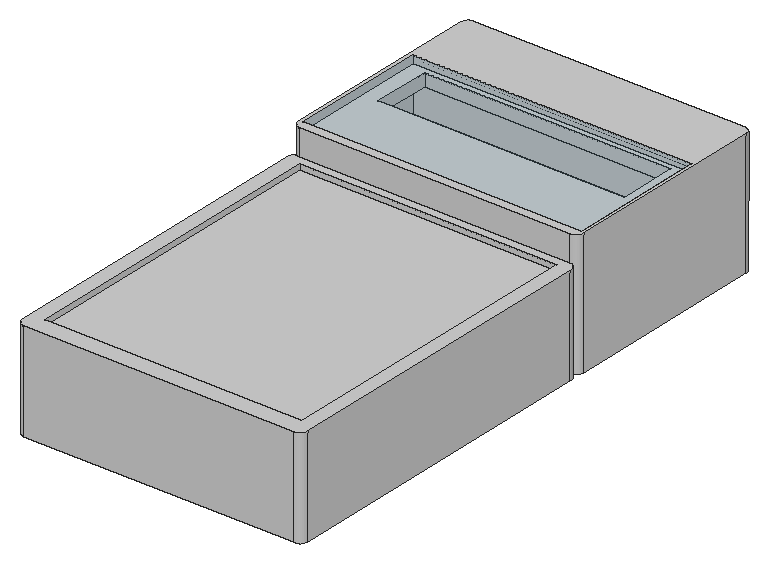
Revit family "Building-IEC309Boards-GEWISS-68QDIN-DISTRIBUTION-BOARD-10MOD_BLANK", category Apparecchi elettrici, host Superficie, Revit 2019
Family settings
  Host = Superficie
  Mantenere orientamento annotazione = Sì
  Quota connettore circolare = Usa diametro
  Tipo di parte = Normale
  Taglio con vuoti quando caricato = No
  Condiviso = No
  Punto di calcolo locali = Sì
Parameters (values of type "GW68002N - Q-DIN 10M COP.435x220x95 BLIND IP65")
  visibilita posizionamento 2d [instance] = yes
  simbolo 2d [instance] = yes
  oggetto in pianta [instance] = not(visibilita posizionamento 2d)  # no
  distanza_simbolo [instance] = 0.1 mm
  bordo acceso [instance] = yes
  Visibilità sportello [instance] = yes
  Version type = "Empty"
  Version file RFA = "21.5"
  VETRO = Vetro
  URL = "https://www.gewiss.com/ww/en"
  Thermo-pressure with ball = "70 °C"
  Technical sheet = "https://www.gewiss.com/ww/en/search?q=GW68002N"
  Spostamento_effettivo_S [instance] = 4000 mm - Spostamento_S  # 3000 mm
  Spostamento_S = 1000 mm
  Simbolo_quadro [instance] = not(simbolo 2d)  # no
  Shock resistance = "IK09"
  STRUTTURA ALTA = Poche
  STRUTTURA = RAL - 7035
  SEO = "Board"
  Realized by GEWISS S.p.A. = ""
  Default Elevation = 1219.2 mm
  Produttore = "GEWISS S.p.A."
  PRESA = rosso
  POMELLO = bianco
  Operating temperature: = "-25 +40 °C"
  No. of provided blank lids = "-"
  No. of modules EN 50022 = "10"
  N_Moduli = 10 mm
  Modello = "GW68002N"
  L_Moduli = N_Moduli * 19  # 190 mm
  Insulation class = "II"
  Installation type = "Surface-mounting"
  Immagine tipo = GW68002N.jpg
  IP degree = "IP65"
  IDT = "5251850b-27dc-44a4-affc-d4abd1ca87ad"
  IDF = "5341b2a5-b902-4f80-ae8c-9d5b282bb473"
  Houseable socket = "Blank lid"
  Glow Wire Test = "650°C"
  Electrocod = "2242"
  EAN code = "8011564744738"
  Dispersible power B (W) = "42"
  Dispersible power A (W) = "16"
  Descrizione = "Q-DIN 10M COP.435x220x95 BLIND IP65"
  Colour = "Grey RAL 7035"
  Catalogue Range = "68 QDIN"
  Catalogue = "BUILDING"
  COBie.Tagnumber = ""
  COBie.CreatedOn = ""
  COBie.CreatebBy = ""
  COBie.ComponentRegisterItemID = ""
  COBie.Component.TagNumber = ""
  COBie.Component.Space = ""
  COBie.Component.SerialNumber = ""
  COBie.Component.InstallationDate = ""
  COBie.Component.Description = ""
  COBie.Component.BarCode = ""
  Accordance with Standards = "EN 60208 - EN 60670-1 - IEC 60670-24"
Reference planes
  plane 1 "Centro (Fronte/Retro)": y = 0
  plane 2: z = 0
  plane 3 "Centro (Sinistra/Destra)": x = 0
  plane 4: x = -3000
  plane 5: x = 0
Forms (mm)
  Extrusion 1, solid, material "RAL - 7035" <- "STRUTTURA", detail levels coarse
    sketch origin (0, 0, 0) x (0, 1, 0) y (0, 0, 1)
      loop
        line (0, 0) -> (434, 0) -> (434, 93.422) -> (0, 93.422) -> (0, 0)
    from -110 to 110
Lines and regions (mm)
  Masking region 1, visible <- "visibilita posizionamento 2d"
    outline origin (0, 0, 0) x (1, 0, 0) y (0, 0, 1)
      loop
        line (-110, 96) -> (-110, 0) -> (110, 0) -> (110, 96) -> (-110, 96)
Dimensions and locks
  plane 4 to plane 3 "Centro (Sinistra/Destra)" = 3000 mm
  "Spostamento_effettivo_S": plane 4 to plane 5
  aligned and locked: plane 2 to host face
  aligned and locked: level to host face
  aligned and locked: nested 1 to plane 5
  aligned and locked: plane 3 "Centro (Sinistra/Destra)" to nested 2
  aligned and locked: nested 3 to plane 5
  aligned and locked: Masking region 1 sketch curve to nested 2
  aligned and locked: plane 1 "Centro (Fronte/Retro)" to nested 2
  aligned and locked: Extrusion 1 to nested 2  (x3)
  aligned and locked: Masking region 1 to Extrusion 1  (x2)
  aligned and locked: Masking region 1 to level
Automatic sketch dimensions
  host sketch curve to host sketch curve = 2438.4 mm  (x2)
  Masking region 1 sketch curve to plane 3 "Centro (Sinistra/Destra)" = 110 mm
  Masking region 1 sketch curve to Masking region 1 sketch curve = 96 mm
  Extrusion 1 sketch curve to plane 1 "Centro (Fronte/Retro)" = 0 mm
  Extrusion 1 sketch curve to level = 0 mm
  level to Extrusion 1 sketch curve = 93.422 mm
  Extrusion 1 sketch curve to plane 1 "Centro (Fronte/Retro)" = 434 mm
  plane 3 "Centro (Sinistra/Destra)" to Masking region 1 sketch curve = 110 mm
Nested families
  nested 1: "CENTRALINO" at (0, 737.795, 0), BORDO ACCESO <- "bordo acceso", SIMBOLO ACCESO <- "simbolo 2d", Distanza dal muro <- "distanza_simbolo", visible <- "simbolo 2d", type "CENTRALINO"
    with SIMBOLO ACCESO yes, Distanza dal muro 0.1 mm, BORDO ACCESO yes
  nested 2: "68QDIN10 QUADRO DISTRIBUZ VUOTO_base" at (0, 266, 0), Visibilità sportello <- "Visibilità sportello", type "68QDIN10 QUADRO DISTRIBUZ VUOTO_base", detail levels medium+fine
  nested 3: "simb_CENTRALINO_BASE_cad pro" at (0, 737.795, 0), Distanza dal muro <- "distanza_simbolo", visible <- "Simbolo_quadro", SIMBOLO ACCESO <- "Simbolo_quadro", type "simb_CENTRALINO_BASE_cad pro"
    with SIMBOLO ACCESO no, Distanza dal muro 0.1 mm, BORDO ACCESO yes
Definition of nested family "68QDIN10 QUADRO DISTRIBUZ VUOTO_base"
  Parameters (values of type "68QDIN10 QUADRO DISTRIBUZ VUOTO_base")
    Visibilità sportello [instance] = yes
    Vetro = none
    Struttura = none
    Spessore = 96 mm
    Default Elevation = 14 mm
    Presa = none
    Lunghezza = 220 mm
    L_Moduli = 19 mm * 10  # 190 mm
    LARGHEZZA = 105 mm
    IFC.TypeObject = ""
    IFC.ExportType = ""
    IFC.ExportAs = ""
    H_da terra = 589.057 mm
    COBie.CreatedOn = ""
    COBie.CreatebBy = ""
    COBie.ComponentRegisterItemID = ""
    COBie.Component.TagNumber = ""
    COBie.Component.Space = ""
    COBie.Component.SerialNumber = ""
    COBie.Component.InstallationDate = ""
    COBie.Component.Description = ""
    COBie.Component.BarCode = ""
    Altezza scatole = 120 mm
    Altezza quadro = 138 mm
    Altezza = 258 mm
  Reference planes
    plane 1 "Centro (Fronte/Retro)": y = 0
    plane 2: z = 0
    plane 3 "Centro (Sinistra/Destra)": x = 0
    plane 4: x = -110
    plane 5: x = 110
    plane 6: z = 76.196
    plane 7: x = -107.597
    plane 8: x = 107.589
    plane 9: z = 80.196
    plane 10: y = -7
    plane 11: y = -251.926
    plane 12: y = 7
    plane 13: y = 113
    plane 14: y = 168
    plane 15: y = -266
    plane 16 "posizione modulari": z = 90
    plane 17: z = 96
    plane 18: y = 108.5
    plane 19: y = 63.5
    plane 20: z = 93.422
    plane 21: z = 55.273
    plane 22: y = 86
    plane 23: z = 72.007
    plane 24: y = 63.5
    plane 25: x = -95
    plane 26: x = 95
  Forms (mm)
    Extrusion 1, solid, material <- "Struttura"
      sketch origin (0, -731.701, 0) x (1, 0, 0) y (0, 1, 0)
        loop
          arc (-103.994, 899.701) -> (-108.241, 897.942) -> (-110, 893.695) r 6.006
          line (-110, 893.695) -> (-110, 737.707)
          arc (-110, 737.707) -> (-108.241, 733.46) -> (-103.994, 731.701) r 6.006
          line (-103.994, 731.701) -> (103.994, 731.701)
          arc (103.994, 731.701) -> (108.241, 733.46) -> (110, 737.707) r 6.006
          line (110, 737.707) -> (110, 893.695)
          arc (110, 893.695) -> (108.241, 897.942) -> (103.994, 899.701) r 6.006
          line (103.994, 899.701) -> (-103.994, 899.701)
      from 0 to 96
    Extrusion 2, solid, material <- "Struttura"
      sketch origin (0, -731.701, 0) x (1, 0, 0) y (0, 1, 0)
        loop
          line (102.45, 731.701) -> (-106.38, 731.701)
          arc (-106.38, 731.701) -> (-108.94, 730.641) -> (-110, 728.081) r 3.62
          line (-110, 728.081) -> (-110, 471.707)
          arc (-110, 471.707) -> (-108.241, 467.46) -> (-103.994, 465.701) r 6.006
          line (-103.994, 465.701) -> (103.994, 465.701)
          arc (103.994, 465.701) -> (108.241, 467.46) -> (110, 471.707) r 6.006
          line (110, 471.707) -> (110, 724.151)
          arc (110, 724.151) -> (107.789, 729.489) -> (102.45, 731.701) r 7.55
      from 0 to 76.196
    Extrusion 3, void
      sketch origin (0, -731.701, 0) x (1, 0, 0) y (0, 1, 0)
        loop
          line (-107.597, 844.701) -> (-107.597, 738.701) -> (107.589, 738.701) -> (107.589, 844.701) -> (-107.597, 844.701)
      from 55.273 to 96
    Extrusion 4, solid, material <- "Struttura"
      sketch origin (0, -731.701, 0) x (1, 0, 0) y (0, 1, 0)
        loop
          line (-107.597, 844.701) -> (-107.597, 738.701) -> (107.589, 738.701) -> (107.589, 844.701) -> (-107.597, 844.701)
      from 80.196 to 90
    Extrusion 5, void
      sketch origin (0, -731.701, 0) x (1, 0, 0) y (0, 1, 0)
        loop
          line (-99, 724.701) -> (-99, 479.775) -> (99, 479.775) -> (99, 724.701) -> (-99, 724.701)
      from 72.007 to 76.196
    Extrusion 6, solid, material <- "Vetro", visible <- "Visibilità sportello"
      sketch origin (0, 0, 0) x (1, 0, 0) y (0, 1, 0)
        loop
          line (-107.597, 7) -> (107.589, 7) -> (107.589, 113) -> (-107.597, 113) -> (-107.597, 7)
      from 93.422 to 96
    Extrusion 7, void
      sketch origin (0, 0, 0) x (1, 0, 0) y (0, 1, 0)
        loop
          line (-95, 108.5) -> (-95, 63.5) -> (95, 63.5) -> (95, 108.5) -> (-95, 108.5)
      from 55.273 to 90
  Cuts and joins
    Extrusion 3, Extrusion 7 cuts Extrusion 1
    Extrusion 7 cuts Extrusion 6
    Extrusion 7 cuts Extrusion 4
    Extrusion 5 cuts Extrusion 2
  Lines and regions (mm)
    symbolic lines
      curve 1: line (-99, 86, 90) -> (99, 86, 90)
    model lines
      curve 2: line (-99, 86, 90) -> (99, 86, 90)
  Dimensions and locks
    equal spacing: plane 4, plane 3 "Centro (Sinistra/Destra)", plane 5  (x2)
    "Lunghezza": plane 4 to plane 5
    locked: plane 4 to plane 7 at 2.403
    locked: plane 8 to plane 5 at 2.411
    plane 4 to plane 5 = 220 mm
    Extrusion 5 to Extrusion 5 = 244.926 mm
    plane 1 "Centro (Fronte/Retro)" to plane 14 = 168 mm
    plane 15 to plane 1 "Centro (Fronte/Retro)" = 266 mm
    locked: plane 1 "Centro (Fronte/Retro)" to plane 10 at 7
    locked: plane 6 to plane 9 at 4
    plane 9 to level = 80.196 mm
    locked: plane 17 to plane 16 "posizione modulari" at 6
    plane 17 to plane 6 = 19.804 mm
    plane 14 to plane 13 = 55 mm
    locked: plane 13 to plane 12 at 106
    locked: plane 17 to plane 20 at 2.578
    locked: plane 18 to plane 14 at 59.5
    locked: plane 18 to plane 19 at 45
    locked: plane 6 to plane 21 at 20.923
    locked: plane 23 to plane 6 at 4.189
    equal spacing: plane 18, plane 22, plane 24
    equal spacing: plane 25, plane 3 "Centro (Sinistra/Destra)", plane 26
    "L_Moduli": plane 25 to plane 26
    aligned and locked: level to plane 2
    aligned and locked: Extrusion 1 sketch curve to plane 5
    aligned and locked: Extrusion 1 sketch curve to plane 4
    aligned and locked: Extrusion 2 sketch curve to plane 5
    aligned and locked: Extrusion 2 sketch curve to plane 4
    aligned and locked: plane 6 to Extrusion 2
    aligned and locked: Extrusion 3 sketch curve to plane 8
    aligned and locked: Extrusion 3 sketch curve to plane 7
    aligned and locked: Extrusion 4 sketch curve to plane 8
    aligned and locked: Extrusion 4 sketch curve to plane 7
    aligned and locked: Extrusion 4 to plane 9
    aligned and locked: plane 1 "Centro (Fronte/Retro)" to Extrusion 1 sketch curve
    aligned and locked: Extrusion 2 sketch curve to plane 1 "Centro (Fronte/Retro)"
    aligned and locked: plane 14 to Extrusion 1 sketch curve
    aligned and locked: plane 15 to Extrusion 2 sketch curve
    aligned and locked: Extrusion 5 sketch curve to plane 10
    aligned and locked: Extrusion 5 sketch curve to plane 11
    aligned and locked: plane 16 "posizione modulari" to Extrusion 4
    aligned and locked: plane 13 to cut or joined group of Extrusion 1, Extrusion 3, Extrusion 7
    aligned and locked: Extrusion 3 to plane 12
    aligned and locked: Extrusion 6 sketch curve to plane 7
    aligned and locked: Extrusion 6 sketch curve to plane 13
    aligned and locked: Extrusion 6 sketch curve to plane 8
    aligned and locked: Extrusion 6 sketch curve to plane 12
    aligned and locked: Extrusion 6 to plane 20
    aligned and locked: plane 17 to Extrusion 6
    aligned and locked: Extrusion 4 sketch curve to plane 13
    aligned and locked: plane 12 to Extrusion 4 sketch curve
    aligned and locked: Extrusion 7 sketch curve to plane 18
    aligned and locked: Extrusion 7 sketch curve to plane 19
    aligned and locked: cut or joined group of Extrusion 1, Extrusion 3, Extrusion 7 to plane 21
    aligned and locked: Extrusion 7 to plane 21
    aligned and locked: plane 16 "posizione modulari" to Extrusion 7
    aligned and locked: curve 2 to plane 22
    aligned and locked: Extrusion 5 to plane 23
    aligned and locked: Extrusion 5 to plane 6
    aligned and locked: plane 25 to Extrusion 7 sketch curve
    aligned and locked: plane 26 to Extrusion 7 sketch curve
  Automatic sketch dimensions
    Extrusion 2 sketch curve to plane 7 = 1.217 mm
    plane 8 to Extrusion 2 sketch curve = 5.139 mm
    Extrusion 3 sketch curve to plane 1 "Centro (Fronte/Retro)" = 7 mm
    Extrusion 3 sketch curve to plane 1 "Centro (Fronte/Retro)" = 113 mm
    Extrusion 1 sketch curve to plane 12 = 0.994 mm
    Extrusion 1 sketch curve to plane 7 = 3.603 mm
    Extrusion 2 sketch curve to plane 7 = 3.603 mm
    Extrusion 5 sketch curve to plane 7 = 8.597 mm
    curve 1 to plane 7 = 8.597 mm
    plane 8 to Extrusion 1 sketch curve = 3.595 mm  (x2)
    plane 8 to Extrusion 2 sketch curve = 3.595 mm
    plane 8 to Extrusion 5 sketch curve = 8.589 mm
    plane 8 to curve 2 = 8.589 mm
Definition of nested family "CENTRALINO"
  Parameters (values of type "CENTRALINO")
    SIMBOLO ACCESO [instance] = yes
    Distanza dal muro [instance] = 0 mm
    BORDO ACCESO [instance] = yes
  Reference planes
    plane 1: y = 0
    plane 2: x = 0
  Dimensions and locks
    "Distanza dal muro": plane 1 to nested 1
    aligned and locked: plane 2 to nested 1
  Nested families
    nested 1: "CENTRALINO_BASE" at (0, 0, 0), BORDO ACCESO <- "BORDO ACCESO", visible <- "SIMBOLO ACCESO", type "CENTRALINO"
      with BORDO ACCESO yes
  Definition of nested family "CENTRALINO_BASE"
    Parameters (values of type "CENTRALINO")
      Distanza dal muro = 0 mm
      BORDO ACCESO [instance] = yes
    Reference planes
      plane 1: y = 0
      plane 2: x = 0
    Lines and regions (mm)
      detail lines, visible <- "BORDO ACCESO", not visible
        curve 1: line (-2.443, 10.208, 0) -> (2.057, 10.208, 0)
        curve 2: line (2.057, 10.208, 0) -> (2.057, 4.208, 0)
        curve 3: line (2.057, 4.208, 0) -> (-2.443, 4.208, 0)
        curve 4: line (-2.443, 4.208, 0) -> (-2.443, 10.208, 0)
        curve 5: line (-2.043, 9.808, 0) -> (1.657, 9.808, 0)
        curve 6: line (1.657, 9.808, 0) -> (1.657, 4.608, 0)
        curve 7: line (1.657, 4.608, 0) -> (-2.043, 4.608, 0)
        curve 8: line (-2.043, 4.608, 0) -> (-2.043, 9.808, 0)
      detail lines
        curve 9: line (0, 0.671, 0) -> (0, 0, 0)
        curve 10: line (0.659, 0.671, 0) -> (0.659, 1.33, 0)
        curve 11: line (0.659, 1.33, 0) -> (-0.659, 1.33, 0)
        curve 12: line (-0.659, 1.33, 0) -> (-0.659, 0.671, 0)
        curve 13: line (-0.659, 0.671, 0) -> (0.659, 0.671, 0)
        curve 14: line (0.497, 1.33, 0) -> (0.497, 2, 0)
        curve 15: line (0.167, 1.33, 0) -> (0.167, 2, 0)
        curve 16: line (-0.162, 1.33, 0) -> (-0.162, 2, 0)
        curve 17: line (-0.491, 1.33, 0) -> (-0.491, 2, 0)
Definition of nested family "simb_CENTRALINO_BASE_cad pro"
  Parameters (values of type "simb_CENTRALINO_BASE_cad pro")
    SIMBOLO ACCESO [instance] = yes
    Distanza dal muro [instance] = 0 mm
    BORDO ACCESO [instance] = yes
  Reference planes
    plane 1: y = 0
    plane 2: x = 0
  Dimensions and locks
    "Distanza dal muro": plane 1 to nested 1
    aligned and locked: plane 2 to nested 1
  Nested families
    nested 1: "CENTRALINO_BASE_cad pro" at (0, 0, 0), type "CENTRALINO"
  Definition of nested family "CENTRALINO_BASE_cad pro"
    Parameters (values of type "CENTRALINO")
      Distanza dal muro = 0 mm
    Reference planes
      plane 1: y = 0
      plane 2: x = 0
    Lines and regions (mm)
      detail lines
        curve 1: line (1.33, 1.33, 0) -> (2.109, 1.33, 0)
        curve 2: line (2.109, 1.33, 0) -> (2.109, 0, 0)
        curve 3: line (2.109, 0, 0) -> (1.33, 0, 0)
        curve 4: line (1.33, 0, 0) -> (-1.33, 1.33, 0)
        curve 5: line (-1.33, 1.33, 0) -> (1.33, 1.33, 0)
        curve 6: line (1.33, 1.33, 0) -> (1.33, 0, 0)
        curve 7: line (1.33, 0, 0) -> (-1.33, 0, 0)
        curve 8: line (-1.33, 0, 0) -> (-1.33, 1.33, 0)
        curve 9: line (1.461, 0.665, 0) -> (1.977, 0.665, 0)
        curve 10: line (1.719, 0.665, 0) -> (1.719, 1.01, 0)
        curve 11: arc (1.977, 0.406, 0) -> (1.719, 0.665, 0) -> (1.461, 0.406, 0) r 0.258
